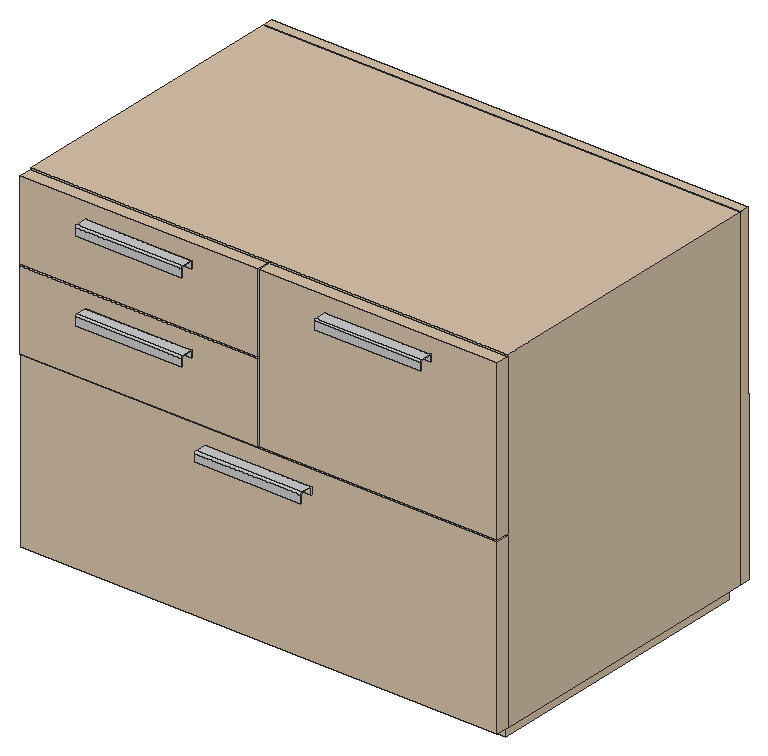
Revit family "Haworth_ComposeStorage_CombinationUnit", category Furniture Systems, Revit 2018
Family settings
  Round Connector Dimension = Use Diameter
  Part Type = Normal
  OmniClass Number = 23.40.70.14.64.21
  OmniClass Title = Systems Furniture
  Work Plane-Based = No
  Always vertical = Yes
  Cut with Voids When Loaded = No
  Shared = No
  Room Calculation Point = No
Parameters (values of type "2 High 36w 24d")
  Warranty = "http://www.haworth.com/resources/product-info/warranties"
  URL - Product = "http://www.haworth.com/products/storage/cabinets-towers/compose"
  Top Spacer = no
  Sustainability Info = "http://media.haworth.com/asset/2999/Compose%20PEDS.pdf"
  Spacer Finish = Haworth _ Wood _ White Oak
  Side Panel Base = not(or(Plynth Base, Chamfer Legs))  # yes
  Pull Finish = Haworth _ Metal _ Brushed Aluminum
  Plynth Base = no
  Patterns Pull = not(or(Linear Pull, J Pull, Crescent Pull, Classic Pull))  # yes
  Model = "BZLC"  # constant formula
  Min. Depth = 18"  # constant formula
  Max. Depth = 24"  # constant formula
  Linear Pull = no
  J Pull = no
  Finished Back = yes
  Drawer Width Middle = 17 15/16"  # constant formula
  Drawer Height Top = if(Plynth Base, 11 7/8", 12")  # 12"
  Drawer Height Middle = 12"  # constant formula
  Drawer Height Box = 5 15/16"  # constant formula
  Drawer Height Bottom = 13"  # constant formula
  Drawer Finish = Haworth _ Wood _ White Oak
  Description = "Haworth - Compose Storage Combination Unit"  # constant formula
  Depth Adjuster = 1"  # constant formula
  Depth = 24"
  Shelf 1 = no
  URL = "www.haworth.com"
  Size = "Verify Final Dim. w/ Haworth"  # constant formula
  Revision Number = "3"  # constant formula
  Manufacturer = "Haworth"  # constant formula
  Custom Size = not(or(Depth = 18", Depth = 24"))  # no
  Crescent Pull = no
  Classic Pull = no
  Chamfer Legs = no
  Spacer Height = if(Top Spacer, 1 1/4", 0")  # 0"
  Cabinet Finish = Haworth _ Wood _ White Oak
  Base Low = or(Side Panel Base, Chamfer Legs)  # yes
  Base Height = if(Side Panel Base, 1", 1 1/4")  # 1"
  Base Finish = Haworth _ Wood _ White Oak
  Base = not(Chamfer Legs)  # yes
  Back Finish = Haworth _ Wood _ White Oak
  Author = "Haworth (Hampton), SHAPE Environments, LLC"  # constant formula
  Assembly Code = "E2020200"
  Standard Widths = "36 in."  # constant formula
  Standard Depths = "18, 24 in."  # constant formula
  Standard Height = "26 1/4 in."  # constant formula
  Actual Width = 36"  # constant formula
  Actual Height = if(Top Spacer, 27 1/2", 26 1/4")  # 26 1/4"
  Actual Depth = if(Depth > Max. Depth, Max. Depth - 1", if(Depth < Min. Depth, Min. Depth - 1", Depth - 1"))  # 23"
Types (2): name | Depth | Actual Depth
  2 High 36w 24d | 24" | 23"
  2 High 36w 18d | 18" | 17"
Reference planes (in)
  plane 1 "Center F/B": y = 2
  plane 2 "Unit Bottom": z = 1
  plane 3 "Center L/R": x = 0.00055
  plane 4 "Unit Top": z = 26.25
  plane 5 "Base Bottom": z = 0
  plane 6 "Unit Left Edge": x = -17.99945
  plane 7 "Right": x = 18.00055
  plane 8 "Base Right Edge": x = 17.50055
  plane 9 "Left": x = -17.49945
  plane 10 "Base Rear Edge": y = 12.5
  plane 11 "Back": y = 13
  plane 12 "Base Front Edge": y = -8.5
  plane 13 "Face of Cabinet": y = -9
  plane 14 "Left Interior": x = -17.24918
  plane 15 "Right Interior": x = 17.25027
  plane 16 "Cabinet Interior Top": z = 25.5
  plane 17 "Cabinet Interior Bottom": z = 1.75
  plane 18: z = 26.25
  plane 19 "Front": y = -10
  plane 20: y = 13.75
  plane 21 "Back Panel Front": y = 11.625
  plane 22 "Back Panel Back": y = 12
  plane 23 "Drawer Placement 1": z = 14
  plane 24 "Drawer Placement 2": z = 14.125
  plane 25 "Drawer Placement 3": z = 26.125
  plane 26 "Drawer Placement 4": z = 26.25
  plane 27: z = 27.5
  plane 28: x = -17.49945
  plane 29: x = 17.50055
Forms (in)
  Extrusion 1, solid, material "Haworth _ Wood _ White Oak" <- "Base Finish", visible <- "Base"
    sketch origin (5.5, -4.875, 0) x (1, 0, 0) y (0, 1, 0)
      loop
        line (12.00055, 17.375) -> (-22.99945, 17.375) -> (-22.99945, -3.625) -> (12.00055, -3.625) -> (12.00055, 17.375)
    from 0 to 1
  Extrusion 2, solid, material "Haworth _ Wood _ White Oak" <- "Cabinet Finish"
    sketch origin (-2.24973, -6.875, 0) x (1, 0, 0) y (0, 1, 0)
      loop
        line (-14.99945, 18.875) -> (-14.99945, 18.5) -> (19.5, 18.5) -> (19.5, 18.875) -> (-14.99945, 18.875)
    from 1.75 to 25.5
  Extrusion 3, solid, material "Haworth _ Wood _ White Oak" <- "Cabinet Finish"
    sketch origin (0, 13, 0) x (1, 0, 0) y (0, 0, 1)
      loop
        line (-17.99945, 26.25) -> (-17.99945, 1) -> (18.00055, 1) -> (18.00055, 26.25) -> (-17.99945, 26.25)
      loop
        line (-17.24945, 25.5) -> (-17.24945, 1.75) -> (17.25027, 1.75) -> (17.25027, 25.5) -> (-17.24945, 25.5)
    from 0 to 22
  Extrusion 4, solid, material "Haworth _ Wood _ White Oak" <- "Spacer Finish", visible <- "Top Spacer"
    sketch origin (-14.065, -180, 26.25) x (-1, 0, 0) y (0, -1, 0)
      loop
        line (-31.56555, -192.5) -> (3.43445, -192.5) -> (3.43445, -171.5) -> (-31.56555, -171.5) -> (-31.56555, -192.5)
    from 0 to 1.25
  Extrusion 5, solid, material "Haworth _ Wood _ White Oak" <- "Back Finish", visible <- "Finished Back"
    sketch origin (0, 13, 0) x (1, 0, 0) y (0, 0, 1)
      loop
        line (-17.99945, 26.25) -> (-17.99945, 1) -> (18.00055, 1) -> (18.00055, 26.25) -> (-17.99945, 26.25)
    from 0 to -0.75
Lines and regions (in)
  Masking region 1
    outline origin (0, 0, 0) x (1, 0, 0) y (0, 1, 0)
      loop
        line (-17.99945, 13) -> (-17.99945, -9) -> (18.00055, -9) -> (18.00055, 13) -> (-17.99945, 13)
  Masking region 2, visible <- "Finished Back"
    outline origin (0, 0, 0) x (1, 0, 0) y (0, 1, 0)
      loop
        line (-17.99945, 13.75) -> (-17.99945, 13) -> (18.00055, 13) -> (18.00055, 13.75) -> (-17.99945, 13.75)
  symbolic lines, style "Haworth", not visible
    curve 1: line (18.00055, -10, 0) -> (-17.99945, -10, 0)
    curve 2: line (18.00055, -10, 0) -> (18.00055, -9, 0)
    curve 3: line (-17.99945, -10, 0) -> (-17.99945, -9, 0)
    curve 4: line (0.00055, -10, 0) -> (0.00055, -9, 0)
Dimensions and locks (in)
  equal spacing: plane 6 "Unit Left Edge", plane 3 "Center L/R", plane 7 "Right"
  "Actual Width": plane 6 "Unit Left Edge" to plane 7 "Right"
  equal spacing: plane 13 "Face of Cabinet", plane 1 "Center F/B", plane 11 "Back"
  "Actual Depth": plane 19 "Front" to plane 11 "Back"
  "Actual Height": plane 18 to level
  Extrusion 3 to plane 7 "Right" = 0.75027"
  locked: plane 6 "Unit Left Edge" to Extrusion 3 at 0.75
  locked: plane 6 "Unit Left Edge" to plane 9 "Left" at 0.5
  locked: plane 8 "Base Right Edge" to plane 7 "Right" at 0.5
  locked: plane 13 "Face of Cabinet" to plane 12 "Base Front Edge" at 0.5
  locked: plane 6 "Unit Left Edge" to plane 14 "Left Interior" at 0.75027
  locked: plane 15 "Right Interior" to plane 7 "Right" at 0.75027
  locked: plane 17 "Cabinet Interior Bottom" to plane 2 "Unit Bottom" at 0.75
  locked: plane 10 "Base Rear Edge" to plane 11 "Back" at 0.5
  "Base Height": plane 2 "Unit Bottom" to level
  "Spacer Height": plane 18 to plane 4 "Unit Top"
  locked: plane 4 "Unit Top" to plane 16 "Cabinet Interior Top" at 0.75
  "Depth Adjuster": plane 19 "Front" to plane 13 "Face of Cabinet"
  plane 20 to plane 11 "Back" = 3/4"
  plane 11 "Back" to plane 22 "Back Panel Back" to plane 21 "Back Panel Front" = 1", 3/8"
  "Drawer Height Bottom": plane 23 "Drawer Placement 1" to plane 2 "Unit Bottom"
  plane 24 "Drawer Placement 2" to plane 23 "Drawer Placement 1" = 1/8"
  plane 26 "Drawer Placement 4" to plane 25 "Drawer Placement 3" = 1/8"
  "Drawer Height Middle": plane 25 "Drawer Placement 3" to plane 24 "Drawer Placement 2"
  aligned: Extrusion 1 to level
  aligned: plane 4 "Unit Top" to Extrusion 3  (x3)
  aligned: level to Extrusion 1
  aligned: Extrusion 2 to Extrusion 3  (x4)
  aligned: Extrusion 3 to plane 11 "Back"  (x2)
  aligned: Extrusion 2 to plane 11 "Back"  (x2)
  aligned and locked: Extrusion 1 to plane 10 "Base Rear Edge"
  aligned and locked: plane 9 "Left" to Extrusion 1
  aligned and locked: plane 8 "Base Right Edge" to Extrusion 1
  aligned: plane 7 "Right" to Extrusion 3
  aligned: plane 6 "Unit Left Edge" to Extrusion 3
  aligned: plane 13 "Face of Cabinet" to Extrusion 3  (x2)
  aligned and locked: plane 12 "Base Front Edge" to Extrusion 1
  aligned: plane 2 "Unit Bottom" to Extrusion 3
  aligned: Extrusion 1 to plane 5 "Base Bottom"  (x2)
  aligned: plane 2 "Unit Bottom" to Extrusion 1  (x2)
  aligned and locked: plane 15 "Right Interior" to Extrusion 2
  aligned and locked: plane 14 "Left Interior" to Extrusion 2
  aligned: Extrusion 3 to plane 2 "Unit Bottom"
  aligned: plane 3 "Center L/R" to nested 1
  aligned: nested 1 to plane 15 "Right Interior"
  aligned: nested 1 to plane 14 "Left Interior"
  aligned: plane 16 "Cabinet Interior Top" to Extrusion 3
  aligned: plane 17 "Cabinet Interior Bottom" to Extrusion 3
  aligned and locked: nested 1 to plane 13 "Face of Cabinet"
  aligned and locked: level to plane 5 "Base Bottom"
  aligned and locked: nested 1 to plane 14 "Left Interior"
  aligned and locked: nested 1 to plane 15 "Right Interior"
  aligned and locked: plane 16 "Cabinet Interior Top" to Extrusion 3 sketch curve
  aligned and locked: plane 16 "Cabinet Interior Top" to Extrusion 2
  aligned and locked: plane 2 "Unit Bottom" to Extrusion 1
  aligned and locked: Extrusion 2 to plane 17 "Cabinet Interior Bottom"
  aligned and locked: plane 13 "Face of Cabinet" to Extrusion 3
  aligned and locked: plane 13 "Face of Cabinet" to nested 3
  aligned and locked: plane 6 "Unit Left Edge" to nested 3
  aligned and locked: plane 7 "Right" to nested 5
  aligned and locked: nested 5 to plane 13 "Face of Cabinet"
  aligned and locked: nested 2 to plane 6 "Unit Left Edge"
  aligned and locked: nested 4 to plane 7 "Right"
  aligned and locked: plane 11 "Back" to nested 2
  aligned and locked: nested 4 to plane 11 "Back"
  aligned and locked: Extrusion 5 sketch curve to nested 4
  aligned and locked: plane 20 to Extrusion 5
  aligned and locked: Masking region 2 sketch curve to plane 7 "Right"
  aligned and locked: plane 6 "Unit Left Edge" to Masking region 2 sketch curve
  aligned and locked: Masking region 2 sketch curve to plane 11 "Back"
  aligned and locked: Masking region 2 sketch curve to plane 20
  aligned and locked: Extrusion 2 to plane 22 "Back Panel Back"
  aligned and locked: plane 21 "Back Panel Front" to Extrusion 2
  aligned and locked: nested 1 to plane 21 "Back Panel Front"
  aligned and locked: plane 2 "Unit Bottom" to Extrusion 5 sketch curve
  aligned and locked: plane 3 "Center L/R" to nested 6
  aligned and locked: plane 13 "Face of Cabinet" to nested 6
  aligned and locked: plane 2 "Unit Bottom" to nested 6
  aligned and locked: plane 13 "Face of Cabinet" to nested 7
  aligned and locked: nested 7 to plane 24 "Drawer Placement 2"
  aligned and locked: nested 1 to plane 23 "Drawer Placement 1"
  aligned and locked: nested 7 to plane 7 "Right"
  aligned and locked: plane 6 "Unit Left Edge" to nested 8
  aligned and locked: plane 19 "Front" to nested 8
  aligned and locked: nested 8 to plane 24 "Drawer Placement 2"
  aligned and locked: nested 9 to plane 25 "Drawer Placement 3"
  aligned and locked: plane 19 "Front" to nested 9
  aligned and locked: Extrusion 1 to plane 5 "Base Bottom"
  aligned and locked: Extrusion 4 to plane 29
  aligned and locked: plane 28 to Extrusion 4
  aligned and locked: plane 26 "Drawer Placement 4" to Extrusion 4
  aligned and locked: plane 27 to Extrusion 4
  aligned and locked: plane 12 "Base Front Edge" to Extrusion 4
  aligned and locked: Extrusion 4 to plane 10 "Base Rear Edge"
  aligned and locked: plane 7 "Right" to Extrusion 3
  aligned and locked: plane 15 "Right Interior" to Extrusion 3
  aligned and locked: plane 17 "Cabinet Interior Bottom" to Extrusion 3
  aligned and locked: Extrusion 3 to plane 2 "Unit Bottom"
  aligned and locked: Extrusion 3 to plane 26 "Drawer Placement 4"
  aligned and locked: Extrusion 3 to plane 11 "Back"
  aligned and locked: Extrusion 3 to plane 6 "Unit Left Edge"
  aligned and locked: plane 11 "Back" to Extrusion 5
  aligned and locked: Extrusion 5 to plane 26 "Drawer Placement 4"
  aligned and locked: Extrusion 5 to plane 6 "Unit Left Edge"
Automatic sketch dimensions
  Extrusion 1 sketch curve to plane 9 "Left" = 0"
  plane 8 "Base Right Edge" to Extrusion 1 sketch curve = 0"
  plane 12 "Base Front Edge" to Extrusion 1 sketch curve = 0"
  Extrusion 1 sketch curve to plane 10 "Base Rear Edge" = 0"
  plane 14 "Left Interior" to Extrusion 2 sketch curve = 0"
  plane 11 "Back" to Extrusion 2 sketch curve = 1"
  plane 15 "Right Interior" to Extrusion 2 sketch curve = 0"
  Extrusion 3 sketch curve to plane 2 "Unit Bottom" = 0"
  plane 6 "Unit Left Edge" to Extrusion 3 sketch curve = 0"
  plane 17 "Cabinet Interior Bottom" to Extrusion 3 sketch curve = 0"
  plane 4 "Unit Top" to Extrusion 3 sketch curve = 0"
  plane 14 "Left Interior" to Extrusion 3 sketch curve = 0.00027"
  plane 15 "Right Interior" to Extrusion 3 sketch curve = 0"
  plane 7 "Right" to Extrusion 3 sketch curve = 0"
  plane 8 "Base Right Edge" to Extrusion 4 sketch curve = 0"
  Extrusion 4 sketch curve to plane 9 "Left" = 0"
  Extrusion 4 sketch curve to plane 10 "Base Rear Edge" = 0"
  plane 12 "Base Front Edge" to Extrusion 4 sketch curve = 0"
  plane 13 "Face of Cabinet" to curve 3 = 0"
  plane 13 "Face of Cabinet" to curve 4 = 0"
  plane 13 "Face of Cabinet" to curve 2 = 0"
  curve 4 to curve 4 = 1"
  Extrusion 2 sketch curve to Extrusion 2 sketch curve = 3/8"
  curve 4 to plane 3 "Center L/R" = 0"
  curve 2 to plane 7 "Right" = 0"
  Masking region 1 sketch curve to plane 7 "Right" = 0"
  plane 13 "Face of Cabinet" to Masking region 1 sketch curve = 0"
  curve 1 to plane 6 "Unit Left Edge" = 0"
  Masking region 1 sketch curve to plane 6 "Unit Left Edge" = 0"
  plane 11 "Back" to Masking region 1 sketch curve = 0"
  Extrusion 5 sketch curve to plane 6 "Unit Left Edge" = 0"
  plane 4 "Unit Top" to Extrusion 5 sketch curve = 0"
Nested families (in)
  nested 1: "Haworth_Shelf" at (-8.24945, -2.9375, 13.25), visible <- "Shelf 1", type "Haworth_Shelf"
    with Shelf Width 34.49945", Shelf Thickness 3/4", Shelf Depth 20 5/8"
  nested 2: "Haworth_Feet" at (-17.06195, 13, 0), visible <- "Chamfer Legs", type "Haworth_Feet"
  nested 3: "Haworth_Feet" at (-17.06195, -9, 0), visible <- "Chamfer Legs", type "Haworth_Feet"
  nested 4: "Haworth_Feet" at (17.06305, 13, 0) x (-1, 0, 0) z (0, 0, 1), visible <- "Chamfer Legs", type "Haworth_Feet"
  nested 5: "Haworth_Feet" at (17.06305, -9, 0) x (-1, 0, 0) z (0, 0, 1), visible <- "Chamfer Legs", type "Haworth_Feet"
  nested 6: "Haworth_Drawer" at (0.00055, -9, 1), type "Haworth_Drawer_Bottom"
    with J Pull Drawer no, Drawer Height 13"
  nested 7: "Haworth_Drawer" at (9.0318, -9, 14.125), type "Haworth_Drawer_Middle"
    with J Pull Drawer no, Drawer Width 17 15/16"
  nested 8: "Haworth_Drawer" at (-9.0307, -9, 14.125), type "Haworth_Drawer_Box"
    with J Pull Drawer no, Drawer Width 17 15/16", Drawer Height 5 15/16"
  nested 9: "Haworth_Drawer" at (-9.0307, -9, 20.1875), type "Haworth_Drawer_Box"
    with J Pull Drawer no, Drawer Width 17 15/16", Drawer Height 5 15/16"
Definition of nested family "Haworth_Shelf"
  Parameters
    Width = 0"
    Warranty = ""
    URL - Product = ""
    URL = "www.haworth.com"
    Sustainability Info = ""
    Size = "Verify Final Dim. w/ Haworth"  # constant formula
    Shelf Thickness [instance] = 3/4"
    Shelf Finish = none
    Revision Number = ""
    Shelf Width [instance] = 12"
    Shelf Depth [instance] = 12"
    OmniClass Number = ""
    Min/Max Width = ""
    Min/Max Height = ""
    Min. Width = 0"
    Max. Width = 0"
    Min. Height = 0"
    Max. Height = 0"
    Material Options = ""
    Manufacturer = "Haworth"  # constant formula
    LEED Data = ""
    Height = 0"
    Author = "SHAPE Environments, LLC"  # constant formula
    Assembly Code = ""
    Actual Width = 0"
    Actual Height = 0"
  Reference planes (in)
    plane 1 "Center F/B": y = 4.25
    plane 2: z = 0
    plane 3 "Center L/R": x = 8.25
    plane 4 "Panel Left": x = 2.25
    plane 5 "Panel Right": x = 14.25
    plane 6 "Panel Back": y = 10.25
    plane 7 "Panel Front": y = -1.75
    plane 8 "Panel Top": z = 0.75
  Forms (in)
    Extrusion 1, solid, material <- "Shelf Finish"
      sketch origin (0, 0, 0) x (1, 0, 0) y (0, 1, 0)
        loop
          line (2.25, 10.25) -> (2.25, -1.75) -> (14.25, -1.75) -> (14.25, 10.25) -> (2.25, 10.25)
      from 0 to 0.75
  Dimensions and locks (in)
    equal spacing: plane 6 "Panel Back", plane 1 "Center F/B", plane 7 "Panel Front"
    "Shelf Depth": plane 6 "Panel Back" to plane 7 "Panel Front"
    equal spacing: plane 4 "Panel Left", plane 3 "Center L/R", plane 5 "Panel Right"
    "Shelf Width": plane 4 "Panel Left" to plane 5 "Panel Right"
    "Shelf Thickness": plane 8 "Panel Top" to level
    aligned and locked: plane 4 "Panel Left" to Extrusion 1 sketch curve
    aligned and locked: Extrusion 1 sketch curve to plane 6 "Panel Back"
    aligned and locked: plane 7 "Panel Front" to Extrusion 1 sketch curve
    aligned and locked: Extrusion 1 sketch curve to plane 5 "Panel Right"
    aligned and locked: plane 8 "Panel Top" to Extrusion 1
Definition of nested family "Haworth_Feet"
  Parameters
    URL = "www.haworth.com"
    Sustainability Info = ""
    Material Options = ""
    Manufacturer = "Haworth"  # constant formula
    LEED Data = ""
    Foot Height = 1"
    Foot Finish = none
    Author = "SHAPE Environments, LLC"  # constant formula
    Assembly Code = ""
  Reference planes (in)
    plane 1 "Center F/B": y = 0
    plane 2: z = 0
    plane 3 "Center L/R": x = 0
    plane 4: z = 1
  Forms (in)
    Extrusion 1, solid, material <- "Foot Finish"
      sketch origin (-0.14373, 0, 0) x (0, 1, 0) y (0, 0, 1)
        loop
          line (-1.29167, 0.25) -> (-1.25, 0) -> (0, 0) -> (0, 1) -> (-3.75, 1) -> (-3.75, 0.5) -> (-1.54167, 0.5)
          arc (-1.54167, 0.5) -> (-1.36489, 0.42678) -> (-1.29167, 0.25) r 0.25
      from -0.79377 to 1.08123
  Dimensions and locks (in)
    "Foot Height": plane 4 to level
    plane 1 "Center F/B" to Extrusion 1 sketch curve = 3 3/4"
    locked: level to Extrusion 1 sketch curve (angle 80.5377°)
  Automatic sketch dimensions
    Extrusion 1 sketch curve to level = 0"
    Extrusion 1 sketch curve to plane 1 "Center F/B" = 0"
    plane 1 "Center F/B" to Extrusion 1 sketch curve = 1 1/4"
    Extrusion 1 sketch curve to Extrusion 1 sketch curve = 1/4"
    plane 4 to Extrusion 1 sketch curve = 0"
    plane 4 to Extrusion 1 sketch curve = 3/4"
Definition of nested family "Haworth_Drawer"
  Parameters
    Pull Taper = no
    Pull Radius = no
    Pull Patterns = yes
    Pull Linear = no
    Pull Height = 1 7/16"
    Pull Finish = none
    Pull Ellipse = no
    Pull Crescent = no
    Pull Classic = no
    J Pull Drawer [instance] = J Pull  # no
    J Pull = no
    Integral Pull Location = if(Integral Pull, 3 5/8", 1")  # 1"
    Integral Pull = no
    Front Finish = none
    Drawer Width = 36"
    Flush Drawer = not(J Pull)  # yes
    Drawer Height = 12"
    Drawer Finish = none
    Drawer Depth = 1"
    Assembly Code = ""
  Reference planes (in)
    plane 1 "Drawer Back": y = 0
    plane 2: z = 0
    plane 3 "Center L/R": x = 0
    plane 4 "Drawer Front": y = -1
    plane 5 "Left": x = -18
    plane 6 "Right": x = 18
    plane 7 "Top": z = 12
    plane 8: y = -4
    plane 9: y = -3
    plane 10 "Integral Top": z = 10.28125
    plane 11 "Pull Location": z = 10.5625
    plane 12 "Integral Bottom": z = 10.84375
  Forms (in)
    Extrusion 1, solid, material <- "Drawer Finish", visible <- "J Pull Drawer"
      sketch origin (-18, 0, 0) x (0, 1, 0) y (0, 0, 1)
        loop
          line (0, 12) -> (-0.25, 12) -> (-0.25, 11.4375) -> (-1, 11.4375) -> (-1, 0) -> (0, 0) -> (0, 12)
      from 0 to 36
    Extrusion 2, solid, material <- "Drawer Finish", visible <- "Flush Drawer"
      sketch origin (-18, 0, 2.25) x (0, 1, 0) y (0, 0, 1)
        loop
          line (0, 9.75) -> (-1, 9.75) -> (-1, -2.25) -> (0, -2.25) -> (0, 9.75)
      from 0 to 36
    Extrusion 3, void
      sketch origin (0, -1, 0) x (-1, 0, 0) y (0, 0, 1)
        loop
          line (4, 10.28125) -> (4, 10.84375) -> (-4, 10.84375) -> (-4, 10.28125) -> (4, 10.28125)
      from -3.25 to -2
  Cuts and joins
    Extrusion 3 cuts Extrusion 1
    Extrusion 3 cuts Extrusion 2
  Dimensions and locks (in)
    equal spacing: plane 5 "Left", plane 3 "Center L/R", plane 6 "Right"
    "Drawer Width": plane 5 "Left" to plane 6 "Right"
    "Drawer Depth": plane 1 "Drawer Back" to plane 4 "Drawer Front"
    "Drawer Height": plane 7 "Top" to level
    locked: plane 8 to plane 1 "Drawer Back" at 4
    "Integral Pull Location": plane 8 to plane 9
    equal spacing: Extrusion 3 sketch curve, plane 3 "Center L/R", Extrusion 3 sketch curve
    locked: Extrusion 3 sketch curve to Extrusion 3 sketch curve at 8
    "Pull Height": plane 7 "Top" to plane 11 "Pull Location"
    equal spacing: plane 12 "Integral Bottom", plane 11 "Pull Location", plane 10 "Integral Top"
    locked: plane 12 "Integral Bottom" to plane 10 "Integral Top" at 0.5625
    aligned and locked: Extrusion 1 sketch curve to plane 1 "Drawer Back"
    aligned and locked: Extrusion 1 sketch curve to plane 2
    aligned and locked: Extrusion 1 sketch curve to plane 4 "Drawer Front"
    aligned and locked: Extrusion 1 to plane 6 "Right"
    aligned and locked: Extrusion 2 to plane 6 "Right"
    aligned and locked: plane 1 "Drawer Back" to Extrusion 2 sketch curve
    aligned and locked: plane 7 "Top" to Extrusion 2 sketch curve
    aligned and locked: level to Extrusion 2 sketch curve
    aligned and locked: Extrusion 2 sketch curve to plane 4 "Drawer Front"
    aligned: plane 7 "Top" to nested 1
    aligned: Extrusion 3 to plane 8
    aligned: plane 9 to Extrusion 3
    aligned and locked: nested 1 to plane 4 "Drawer Front"
    aligned and locked: plane 12 "Integral Bottom" to Extrusion 3 sketch curve
    aligned and locked: nested 1 to plane 11 "Pull Location"
    aligned and locked: plane 3 "Center L/R" to nested 1
    aligned and locked: plane 9 to Extrusion 3
  Automatic sketch dimensions
    Extrusion 1 sketch curve to plane 7 "Top" = 0"
    plane 1 "Drawer Back" to Extrusion 1 sketch curve = 1/4"
    Extrusion 1 sketch curve to Extrusion 1 sketch curve = 9/16"
    Extrusion 3 sketch curve to plane 10 "Integral Top" = 0"
  Nested families (in)
    nested 1: "Haworth_Drawer-Pulls" at (0, -1, 10.5625), type "Pull"
      with Patterns yes, Linear no
  Definition of nested family "Haworth_Drawer-Pulls"
    Parameters
      Taper = no
      Radius = no
      Patterns = no
      Linear = yes
      Handle Finish = none
      Ellipse = no
      Cresent = no
      Classic = no
      Assembly Code = ""
    Reference planes (in)
      plane 1 "Center Front/Back": y = 0
      plane 2: z = 0
      plane 3 "Center Left/Right": x = 0
    Forms (in)
      Extrusion 1, solid, material <- "Handle Finish", visible <- "Ellipse"
        sketch origin (0, 0, 0.15915) x (0, 1, 0) y (0, 0, 1)
          loop
            arc (-0.03015, 0) -> (-0.26713, -0.02983) -> (-0.49038, -0.11475) r 1.00501
            arc (-0.49038, -0.11475) -> (-0.65216, -0.22112) -> (-0.78985, -0.35725) r 0.97894
            arc (-0.78985, -0.35725) -> (-0.87314, -0.47263) -> (-0.94033, -0.59807) r 1.0667
            arc (-0.94033, -0.59807) -> (-0.90977, -0.66145) -> (-0.84562, -0.63254) r 0.05041
            arc (-0.84562, -0.63254) -> (-0.67669, -0.39049) -> (-0.44702, -0.20509) r 1.04885
            arc (-0.44702, -0.20509) -> (-0.35012, -0.16094) -> (-0.24858, -0.12892) r 0.8735
            arc (-0.24858, -0.12892) -> (-0.16053, -0.15188) -> (-0.11419, -0.23018) r 0.11948
            arc (-0.11419, -0.23018) -> (-0.0664, -0.27738) -> (0, -0.26729) r 0.07488
            line (0, -0.26729) -> (0, -0.05102) -> (-0.03015, 0)
        from -6.51863 to 6.51698
      Extrusion 2, void
        sketch origin (0, 0, 0.15915) x (1, 0, 0) y (0, 1, 0)
          loop
            line (-6.49996, 0) -> (-6.67266, 0) -> (-6.67266, -1.11616) -> (6.67266, -1.11616) -> (6.67266, 0) -> (6.49996, 0)
            arc (6.49996, 0) -> (6.46575, -0.17809) -> (6.37201, -0.33332) r 0.51574
            arc (6.37201, -0.33332) -> (6.23583, -0.44508) -> (6.07096, -0.50713) r 0.54076
            arc (6.07096, -0.50713) -> (4.5721, -0.7479) -> (3.05951, -0.87689) r 20.46435
            arc (3.05951, -0.87689) -> (0, -0.95029) -> (-3.05951, -0.87689) r 63.79827
            arc (-3.05951, -0.87689) -> (-4.5721, -0.7479) -> (-6.07096, -0.50713) r 20.46435
            arc (-6.07096, -0.50713) -> (-6.23583, -0.44508) -> (-6.37201, -0.33332) r 0.54076
            arc (-6.37201, -0.33332) -> (-6.46575, -0.17809) -> (-6.49996, 0) r 0.51574
        from 0 to -0.90865
      Blend 3, solid, material <- "Handle Finish", visible <- "Radius"
        base sketch origin (0, 0, 0.3125) x (0, 1, 0) y (0, 0, -1)
          loop
            line (0, 0) -> (0, 0.625) -> (-0.40339, 0.625)
            arc (-0.40339, 0.625) -> (-0.71589, 0.3125) -> (-0.40339, 0) r 0.3125
            line (-0.40339, 0) -> (0, 0)
        top sketch origin (0, 0, 0.3125) x (0, 1, 0) y (0, 0, -1)
          loop
            line (0, 0) -> (0, 0.625) -> (-0.77884, 0.625)
            arc (-0.77884, 0.625) -> (-1.09134, 0.3125) -> (-0.77884, 0) r 0.3125
            line (-0.77884, 0) -> (0, 0)
        from -4.875 to -3.625
      Sweep 4, solid, material <- "Handle Finish", visible <- "Radius"
        path origin (0, 0, 0) x (1, 0, 0) y (0, 1, 0)
          loop
            arc (-4.875, -0.71589) -> (0, -1.5425) -> (4.875, -0.71589) r 14.78881
        profile origin (0, -1.5425, 0) x (0, 1, 0) y (0, 0, 1)
          loop
            circle (0.3125, 0) r 0.30469
      Extrusion 5, solid, material <- "Handle Finish", visible <- "Taper"
        sketch origin (0, 0, 0.27281) x (0, 1, 0) y (0, 0, 1)
          loop
            line (0, 0) -> (-0.875, 0)
            arc (-0.875, 0) -> (-0.96339, -0.03661) -> (-1, -0.125) r 0.125
            line (-1, -0.125) -> (-1, -0.7) -> (-0.96886, -0.7) -> (-0.96886, -0.1251)
            arc (-0.96886, -0.1251) -> (-0.94137, -0.05874) -> (-0.875, -0.03125) r 0.09386
            line (-0.875, -0.03125) -> (-0.03125, -0.03125) -> (-0.03125, -0.53) -> (0, -0.53) -> (0, 0)
        from -6.5565 to 6.5565
      Extrusion 6, void
        sketch origin (0, 0, 0.27281) x (1, 0, 0) y (0, 0, 1)
          loop
            arc (-5.23353, -0.7191) -> (-5.99714, -0.52453) -> (-6.57454, 0.01172) r 1.59575
            line (-6.57454, 0.01172) -> (-6.85981, 0.01172) -> (-6.85981, -1) -> (6.85981, -1) -> (6.85981, 0.01172) -> (6.57454, 0.01172)
            arc (6.57454, 0.01172) -> (5.99714, -0.52453) -> (5.23353, -0.7191) r 1.59575
            line (5.23353, -0.7191) -> (-5.23353, -0.7191)
        from 0 to 2.20115
      Sweep 7, solid, material <- "Handle Finish", visible <- "Cresent"
        path origin (0, 0, 0.125) x (1, 0, 0) y (0, 1, 0)
          loop
            arc (-3.80272, 0.04) -> (0, -1.24998) -> (3.80273, 0.04) r 6.25
        profile origin (0, -1.24998, 0.125) x (0, 1, 0) y (0, 0, 1)
          loop
            circle (0.125, -0.125) r 0.125
      Extrusion 8, void
        sketch origin (0, 0, 0.125) x (1, 0, 0) y (0, 1, 0)
          loop
            line (-3.94545, 0) -> (3.94399, 0) -> (3.94399, 0.32073) -> (-3.94545, 0.32073) -> (-3.94545, 0)
        from 0.03472 to -0.28458
      Extrusion 9, solid, material <- "Handle Finish", visible <- "Linear"
        sketch origin (0, 0, 0.125) x (1, 0, 0) y (0, 1, 0)
          loop
            line (-4, 0) -> (-4, -1.25) -> (4, -1.25) -> (4, 0) -> (3, 0) -> (3, -1) -> (-3, -1) -> (-3, 0) -> (-4, 0)
        from 0 to -0.25
      Extrusion 10, solid, material <- "Handle Finish", visible <- "Classic"
        sketch origin (0, 0, 0.375) x (1, 0, 0) y (0, 0, 1)
          loop
            line (-3.375, 0) -> (-3.375, -0.75)
            arc (-3.375, -0.75) -> (-3, -0.375) -> (-3.375, 0) r 0.375
        from 0 to 1
      Extrusion 11, solid, material <- "Handle Finish", visible <- "Classic"
        sketch origin (0, 0, 0.375) x (-1, 0, 0) y (0, 0, -1)
          loop
            arc (-3.375, 0) -> (-3, 0.375) -> (-3.375, 0.75) r 0.375
            line (-3.375, 0.75) -> (-3.375, 0)
        from 0 to 1
      Extrusion 12, solid, material <- "Handle Finish", visible <- "Classic"
        sketch origin (0, 0, 0.375) x (1, 0, 0) y (0, 0, 1)
          loop
            line (-3.375, 0) -> (-3.375, -0.75) -> (3.375, -0.75) -> (3.375, 0) -> (-3.375, 0)
        from 1 to 1.25
      Blend 13, solid, material <- "Handle Finish", visible <- "Radius"
        base sketch origin (0, 0, 0.3125) x (0, 1, 0) y (0, 0, 1)
          loop
            line (0, 0) -> (-0.40339, 0)
            arc (-0.40339, 0) -> (-0.71589, -0.3125) -> (-0.40339, -0.625) r 0.3125
            line (-0.40339, -0.625) -> (0, -0.625) -> (0, 0)
        top sketch origin (0, 0, 0.3125) x (0, 1, 0) y (0, 0, 1)
          loop
            line (0, 0) -> (-0.77884, 0)
            arc (-0.77884, 0) -> (-1.09134, -0.3125) -> (-0.77884, -0.625) r 0.3125
            line (-0.77884, -0.625) -> (0, -0.625) -> (0, 0)
        from -4.875 to -3.625
      Extrusion 14, solid, material <- "Handle Finish", visible <- "Patterns"
        sketch origin (0, 0, 0.27281) x (0, 1, 0) y (0, 0, 1)
          loop
            line (0, 0) -> (-0.875, 0)
            arc (-0.875, 0) -> (-0.96339, -0.03661) -> (-1, -0.125) r 0.125
            line (-1, -0.125) -> (-1, -0.7) -> (-0.96886, -0.7) -> (-0.96886, -0.1251)
            arc (-0.96886, -0.1251) -> (-0.94137, -0.05874) -> (-0.875, -0.03125) r 0.09386
            line (-0.875, -0.03125) -> (-0.03125, -0.03125) -> (-0.03125, -0.53) -> (0, -0.53) -> (0, 0)
        from -4 to 4
    Cuts and joins
      Extrusion 2 cuts Extrusion 1
      joined: Extrusion 10, Extrusion 11, Extrusion 12
      Extrusion 6 cuts Extrusion 5
      Extrusion 8 cuts Sweep 7
      joined: Blend 3, Sweep 4, Blend 13
